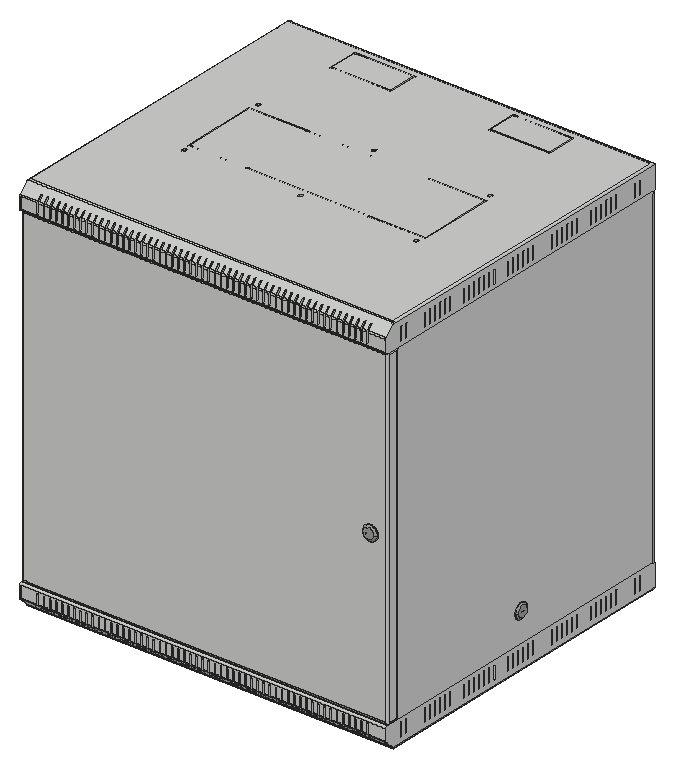
Revit family "600х550", category Обобщенные модели, Revit 2019 (continued)
Definition of nested family "Крышка 550"
  Automatic sketch dimensions
    plane 6 to Extrusion 66 sketch curve = 33.804 mm
    plane 6 to Extrusion 66 sketch curve = 11.804 mm
    level to Extrusion 66 sketch curve = 61.993 mm
    Extrusion 66 sketch curve to Extrusion 66 sketch curve = 1.747 mm
    plane 6 to Extrusion 67 sketch curve = 33.804 mm
    plane 6 to Extrusion 67 sketch curve = 11.804 mm
    level to Extrusion 67 sketch curve = 71.993 mm
    Extrusion 67 sketch curve to Extrusion 67 sketch curve = 1.747 mm
    plane 6 to Extrusion 68 sketch curve = 10.404 mm
    plane 5 to Extrusion 68 sketch curve = 38.5 mm
    Extrusion 68 sketch curve to Extrusion 68 sketch curve = 1.5 mm
    Extrusion 68 sketch curve to Extrusion 68 sketch curve = 23.4 mm
    plane 6 to Extrusion 69 sketch curve = 10.404 mm
    plane 5 to Extrusion 69 sketch curve = 48.5 mm
    Extrusion 69 sketch curve to Extrusion 69 sketch curve = 1.5 mm
    Extrusion 69 sketch curve to Extrusion 69 sketch curve = 23.4 mm
    plane 6 to Extrusion 70 sketch curve = 10.404 mm
    plane 5 to Extrusion 70 sketch curve = 58.5 mm
    Extrusion 70 sketch curve to Extrusion 70 sketch curve = 1.5 mm
    Extrusion 70 sketch curve to Extrusion 70 sketch curve = 23.4 mm
    plane 6 to Extrusion 71 sketch curve = 10.404 mm
    plane 5 to Extrusion 71 sketch curve = 68.5 mm
    Extrusion 71 sketch curve to Extrusion 71 sketch curve = 1.5 mm
    Extrusion 71 sketch curve to Extrusion 71 sketch curve = 23.4 mm
    plane 6 to Extrusion 72 sketch curve = 10.404 mm
    plane 5 to Extrusion 72 sketch curve = 78.5 mm
    Extrusion 72 sketch curve to Extrusion 72 sketch curve = 1.5 mm
    Extrusion 72 sketch curve to Extrusion 72 sketch curve = 23.4 mm
    plane 6 to Extrusion 73 sketch curve = 10.404 mm
    plane 5 to Extrusion 73 sketch curve = 88.5 mm
    Extrusion 73 sketch curve to Extrusion 73 sketch curve = 1.5 mm
    Extrusion 73 sketch curve to Extrusion 73 sketch curve = 23.4 mm
    plane 6 to Extrusion 74 sketch curve = 10.404 mm
    plane 5 to Extrusion 74 sketch curve = 98.5 mm
    Extrusion 74 sketch curve to Extrusion 74 sketch curve = 1.5 mm
    Extrusion 74 sketch curve to Extrusion 74 sketch curve = 23.4 mm
    plane 6 to Extrusion 75 sketch curve = 10.404 mm
    plane 5 to Extrusion 75 sketch curve = 108.5 mm
    Extrusion 75 sketch curve to Extrusion 75 sketch curve = 1.5 mm
    Extrusion 75 sketch curve to Extrusion 75 sketch curve = 23.4 mm
    plane 6 to Extrusion 76 sketch curve = 10.404 mm
    plane 5 to Extrusion 76 sketch curve = 118.5 mm
    Extrusion 76 sketch curve to Extrusion 76 sketch curve = 1.5 mm
    Extrusion 76 sketch curve to Extrusion 76 sketch curve = 23.4 mm
    plane 6 to Extrusion 77 sketch curve = 10.404 mm
    plane 5 to Extrusion 77 sketch curve = 128.5 mm
    Extrusion 77 sketch curve to Extrusion 77 sketch curve = 1.5 mm
    Extrusion 77 sketch curve to Extrusion 77 sketch curve = 23.4 mm
    plane 6 to Extrusion 78 sketch curve = 10.404 mm
    plane 5 to Extrusion 78 sketch curve = 138.5 mm
    Extrusion 78 sketch curve to Extrusion 78 sketch curve = 1.5 mm
    Extrusion 78 sketch curve to Extrusion 78 sketch curve = 23.4 mm
    plane 6 to Extrusion 79 sketch curve = 10.404 mm
    plane 5 to Extrusion 79 sketch curve = 148.5 mm
    Extrusion 79 sketch curve to Extrusion 79 sketch curve = 1.5 mm
    Extrusion 79 sketch curve to Extrusion 79 sketch curve = 23.4 mm
    plane 6 to Extrusion 80 sketch curve = 10.404 mm
    Extrusion 80 sketch curve to plane 3 "По центру (Влево/Вправо)" = 141.5 mm
    Extrusion 80 sketch curve to Extrusion 80 sketch curve = 1.5 mm
    Extrusion 80 sketch curve to Extrusion 80 sketch curve = 23.4 mm
    plane 6 to Extrusion 81 sketch curve = 10.404 mm
    Extrusion 81 sketch curve to plane 3 "По центру (Влево/Вправо)" = 131.5 mm
    Extrusion 81 sketch curve to Extrusion 81 sketch curve = 1.5 mm
    Extrusion 81 sketch curve to Extrusion 81 sketch curve = 23.4 mm
    plane 6 to Extrusion 82 sketch curve = 10.404 mm
    Extrusion 82 sketch curve to plane 3 "По центру (Влево/Вправо)" = 121.5 mm
    Extrusion 82 sketch curve to Extrusion 82 sketch curve = 1.5 mm
    Extrusion 82 sketch curve to Extrusion 82 sketch curve = 23.4 mm
    plane 6 to Extrusion 83 sketch curve = 10.404 mm
    Extrusion 83 sketch curve to plane 3 "По центру (Влево/Вправо)" = 111.5 mm
    Extrusion 83 sketch curve to Extrusion 83 sketch curve = 1.5 mm
    Extrusion 83 sketch curve to Extrusion 83 sketch curve = 23.4 mm
    plane 6 to Extrusion 84 sketch curve = 10.404 mm
    Extrusion 84 sketch curve to plane 3 "По центру (Влево/Вправо)" = 101.5 mm
    Extrusion 84 sketch curve to Extrusion 84 sketch curve = 1.5 mm
    Extrusion 84 sketch curve to Extrusion 84 sketch curve = 23.4 mm
    plane 6 to Extrusion 85 sketch curve = 10.404 mm
    Extrusion 85 sketch curve to plane 3 "По центру (Влево/Вправо)" = 91.5 mm
    Extrusion 85 sketch curve to Extrusion 85 sketch curve = 1.5 mm
    Extrusion 85 sketch curve to Extrusion 85 sketch curve = 23.4 mm
    plane 6 to Extrusion 86 sketch curve = 10.404 mm
    Extrusion 86 sketch curve to plane 3 "По центру (Влево/Вправо)" = 81.5 mm
    Extrusion 86 sketch curve to Extrusion 86 sketch curve = 1.5 mm
    Extrusion 86 sketch curve to Extrusion 86 sketch curve = 23.4 mm
    plane 6 to Extrusion 87 sketch curve = 10.404 mm
    Extrusion 87 sketch curve to plane 3 "По центру (Влево/Вправо)" = 71.5 mm
    Extrusion 87 sketch curve to Extrusion 87 sketch curve = 1.5 mm
    Extrusion 87 sketch curve to Extrusion 87 sketch curve = 23.4 mm
    plane 6 to Extrusion 88 sketch curve = 10.404 mm
    Extrusion 88 sketch curve to plane 3 "По центру (Влево/Вправо)" = 61.5 mm
    Extrusion 88 sketch curve to Extrusion 88 sketch curve = 1.5 mm
    Extrusion 88 sketch curve to Extrusion 88 sketch curve = 23.4 mm
    plane 6 to Extrusion 89 sketch curve = 10.404 mm
    Extrusion 89 sketch curve to plane 3 "По центру (Влево/Вправо)" = 51.5 mm
    Extrusion 89 sketch curve to Extrusion 89 sketch curve = 1.5 mm
    Extrusion 89 sketch curve to Extrusion 89 sketch curve = 23.4 mm
    plane 6 to Extrusion 90 sketch curve = 10.404 mm
    Extrusion 90 sketch curve to plane 3 "По центру (Влево/Вправо)" = 41.5 mm
    Extrusion 90 sketch curve to Extrusion 90 sketch curve = 1.5 mm
    Extrusion 90 sketch curve to Extrusion 90 sketch curve = 23.4 mm
    plane 6 to Extrusion 91 sketch curve = 10.404 mm
    Extrusion 91 sketch curve to plane 3 "По центру (Влево/Вправо)" = 31.5 mm
    Extrusion 91 sketch curve to Extrusion 91 sketch curve = 1.5 mm
    Extrusion 91 sketch curve to Extrusion 91 sketch curve = 23.4 mm
    Extrusion 92 sketch curve to plane 3 "По центру (Влево/Вправо)" = 21.5 mm
    Extrusion 92 sketch curve to Extrusion 92 sketch curve = 1.5 mm
    plane 6 to Extrusion 92 sketch curve = 33.804 mm
    plane 6 to Extrusion 92 sketch curve = 10.404 mm
    Extrusion 93 sketch curve to plane 3 "По центру (Влево/Вправо)" = 11.5 mm
    Extrusion 93 sketch curve to Extrusion 93 sketch curve = 1.5 mm
    plane 6 to Extrusion 93 sketch curve = 33.804 mm
    plane 6 to Extrusion 93 sketch curve = 10.404 mm
    Extrusion 94 sketch curve to plane 3 "По центру (Влево/Вправо)" = 0 mm
    Extrusion 94 sketch curve to Extrusion 94 sketch curve = 1.5 mm
    plane 6 to Extrusion 94 sketch curve = 33.804 mm
    plane 6 to Extrusion 94 sketch curve = 10.404 mm
    plane 3 "По центру (Влево/Вправо)" to Extrusion 95 sketch curve = 8.5 mm
    Extrusion 95 sketch curve to Extrusion 95 sketch curve = 1.5 mm
    plane 6 to Extrusion 95 sketch curve = 33.804 mm
    plane 6 to Extrusion 95 sketch curve = 10.404 mm
    plane 3 "По центру (Влево/Вправо)" to Extrusion 96 sketch curve = 18.5 mm
    Extrusion 96 sketch curve to Extrusion 96 sketch curve = 1.5 mm
    plane 6 to Extrusion 96 sketch curve = 33.804 mm
    plane 6 to Extrusion 96 sketch curve = 10.404 mm
    plane 3 "По центру (Влево/Вправо)" to Extrusion 97 sketch curve = 28.5 mm
    Extrusion 97 sketch curve to Extrusion 97 sketch curve = 1.5 mm
    plane 6 to Extrusion 97 sketch curve = 33.804 mm
    plane 6 to Extrusion 97 sketch curve = 10.404 mm
    plane 6 to Extrusion 98 sketch curve = 10.404 mm
    plane 3 "По центру (Влево/Вправо)" to Extrusion 98 sketch curve = 38.5 mm
    Extrusion 98 sketch curve to Extrusion 98 sketch curve = 1.5 mm
    Extrusion 98 sketch curve to Extrusion 98 sketch curve = 23.4 mm
    plane 6 to Extrusion 99 sketch curve = 10.404 mm
    plane 3 "По центру (Влево/Вправо)" to Extrusion 99 sketch curve = 48.5 mm
    Extrusion 99 sketch curve to Extrusion 99 sketch curve = 1.5 mm
    Extrusion 99 sketch curve to Extrusion 99 sketch curve = 23.4 mm
    plane 6 to Extrusion 100 sketch curve = 10.404 mm
    plane 3 "По центру (Влево/Вправо)" to Extrusion 100 sketch curve = 58.5 mm
    Extrusion 100 sketch curve to Extrusion 100 sketch curve = 1.5 mm
    Extrusion 100 sketch curve to Extrusion 100 sketch curve = 23.4 mm
    plane 6 to Extrusion 101 sketch curve = 10.404 mm
    plane 3 "По центру (Влево/Вправо)" to Extrusion 101 sketch curve = 68.5 mm
    Extrusion 101 sketch curve to Extrusion 101 sketch curve = 1.5 mm
    Extrusion 101 sketch curve to Extrusion 101 sketch curve = 23.4 mm
    plane 6 to Extrusion 102 sketch curve = 10.404 mm
    plane 3 "По центру (Влево/Вправо)" to Extrusion 102 sketch curve = 78.5 mm
    Extrusion 102 sketch curve to Extrusion 102 sketch curve = 1.5 mm
    Extrusion 102 sketch curve to Extrusion 102 sketch curve = 23.4 mm
    plane 6 to Extrusion 103 sketch curve = 10.404 mm
    plane 3 "По центру (Влево/Вправо)" to Extrusion 103 sketch curve = 88.5 mm
    Extrusion 103 sketch curve to Extrusion 103 sketch curve = 1.5 mm
    Extrusion 103 sketch curve to Extrusion 103 sketch curve = 23.4 mm
    plane 6 to Extrusion 104 sketch curve = 10.404 mm
    plane 3 "По центру (Влево/Вправо)" to Extrusion 104 sketch curve = 98.5 mm
    Extrusion 104 sketch curve to Extrusion 104 sketch curve = 1.5 mm
    Extrusion 104 sketch curve to Extrusion 104 sketch curve = 23.4 mm
    plane 6 to Extrusion 105 sketch curve = 10.404 mm
    plane 3 "По центру (Влево/Вправо)" to Extrusion 105 sketch curve = 108.5 mm
    Extrusion 105 sketch curve to Extrusion 105 sketch curve = 1.5 mm
    Extrusion 105 sketch curve to Extrusion 105 sketch curve = 23.4 mm
    plane 6 to Extrusion 106 sketch curve = 10.404 mm
    plane 3 "По центру (Влево/Вправо)" to Extrusion 106 sketch curve = 118.5 mm
    Extrusion 106 sketch curve to Extrusion 106 sketch curve = 1.5 mm
    Extrusion 106 sketch curve to Extrusion 106 sketch curve = 23.4 mm
    plane 6 to Extrusion 107 sketch curve = 10.404 mm
    plane 3 "По центру (Влево/Вправо)" to Extrusion 107 sketch curve = 128.5 mm
    Extrusion 107 sketch curve to Extrusion 107 sketch curve = 1.5 mm
    Extrusion 107 sketch curve to Extrusion 107 sketch curve = 23.4 mm
    plane 6 to Extrusion 108 sketch curve = 10.404 mm
    plane 3 "По центру (Влево/Вправо)" to Extrusion 108 sketch curve = 138.5 mm
    Extrusion 108 sketch curve to Extrusion 108 sketch curve = 1.5 mm
    Extrusion 108 sketch curve to Extrusion 108 sketch curve = 23.4 mm
    plane 6 to Extrusion 109 sketch curve = 10.404 mm
    plane 3 "По центру (Влево/Вправо)" to Extrusion 109 sketch curve = 148.5 mm
    Extrusion 109 sketch curve to Extrusion 109 sketch curve = 1.5 mm
    Extrusion 109 sketch curve to Extrusion 109 sketch curve = 23.4 mm
    plane 6 to Extrusion 110 sketch curve = 10.404 mm
    Extrusion 110 sketch curve to plane 4 = 141.5 mm
    Extrusion 110 sketch curve to Extrusion 110 sketch curve = 1.5 mm
    Extrusion 110 sketch curve to Extrusion 110 sketch curve = 23.4 mm
    plane 6 to Extrusion 111 sketch curve = 10.404 mm
    Extrusion 111 sketch curve to plane 4 = 131.5 mm
    Extrusion 111 sketch curve to Extrusion 111 sketch curve = 1.5 mm
    Extrusion 111 sketch curve to Extrusion 111 sketch curve = 23.4 mm
    plane 6 to Extrusion 112 sketch curve = 10.404 mm
    Extrusion 112 sketch curve to plane 4 = 121.5 mm
    Extrusion 112 sketch curve to Extrusion 112 sketch curve = 1.5 mm
    Extrusion 112 sketch curve to Extrusion 112 sketch curve = 23.4 mm
    plane 6 to Extrusion 113 sketch curve = 10.404 mm
    Extrusion 113 sketch curve to plane 4 = 111.5 mm
    Extrusion 113 sketch curve to Extrusion 113 sketch curve = 1.5 mm
    Extrusion 113 sketch curve to Extrusion 113 sketch curve = 23.4 mm
    plane 6 to Extrusion 114 sketch curve = 10.404 mm
    Extrusion 114 sketch curve to plane 4 = 101.5 mm
    Extrusion 114 sketch curve to Extrusion 114 sketch curve = 1.5 mm
    Extrusion 114 sketch curve to Extrusion 114 sketch curve = 23.4 mm
    plane 6 to Extrusion 115 sketch curve = 10.404 mm
    Extrusion 115 sketch curve to plane 4 = 91.5 mm
    Extrusion 115 sketch curve to Extrusion 115 sketch curve = 1.5 mm
    Extrusion 115 sketch curve to Extrusion 115 sketch curve = 23.4 mm
    plane 6 to Extrusion 116 sketch curve = 10.404 mm
    Extrusion 116 sketch curve to plane 4 = 81.5 mm
    Extrusion 116 sketch curve to Extrusion 116 sketch curve = 1.5 mm
    Extrusion 116 sketch curve to Extrusion 116 sketch curve = 23.4 mm
    plane 6 to Extrusion 117 sketch curve = 10.404 mm
    Extrusion 117 sketch curve to plane 4 = 71.5 mm
    Extrusion 117 sketch curve to Extrusion 117 sketch curve = 1.5 mm
    Extrusion 117 sketch curve to Extrusion 117 sketch curve = 23.4 mm
    plane 6 to Extrusion 118 sketch curve = 10.404 mm
    Extrusion 118 sketch curve to plane 4 = 61.5 mm
    Extrusion 118 sketch curve to Extrusion 118 sketch curve = 1.5 mm
    Extrusion 118 sketch curve to Extrusion 118 sketch curve = 23.4 mm
    plane 6 to Extrusion 119 sketch curve = 10.404 mm
    Extrusion 119 sketch curve to plane 4 = 51.5 mm
    Extrusion 119 sketch curve to Extrusion 119 sketch curve = 1.5 mm
    Extrusion 119 sketch curve to Extrusion 119 sketch curve = 23.4 mm
    plane 6 to Extrusion 120 sketch curve = 10.404 mm
    Extrusion 120 sketch curve to plane 4 = 41.5 mm
    Extrusion 120 sketch curve to Extrusion 120 sketch curve = 1.5 mm
    Extrusion 120 sketch curve to Extrusion 120 sketch curve = 23.4 mm
    plane 6 to Extrusion 121 sketch curve = 10.404 mm
    Extrusion 121 sketch curve to plane 4 = 31.5 mm
    Extrusion 121 sketch curve to Extrusion 121 sketch curve = 1.5 mm
    Extrusion 121 sketch curve to Extrusion 121 sketch curve = 23.4 mm
    plane 6 to Extrusion 122 sketch curve = 33.804 mm
    plane 6 to Extrusion 122 sketch curve = 11.804 mm
    plane 8 to Extrusion 122 sketch curve = 178.007 mm
    Extrusion 122 sketch curve to Extrusion 122 sketch curve = 1.747 mm
    plane 6 to Extrusion 123 sketch curve = 33.804 mm
    plane 6 to Extrusion 123 sketch curve = 11.804 mm
    plane 8 to Extrusion 123 sketch curve = 198.007 mm
    Extrusion 123 sketch curve to Extrusion 123 sketch curve = 1.747 mm
    plane 6 to Extrusion 124 sketch curve = 33.804 mm
    plane 6 to Extrusion 124 sketch curve = 11.804 mm
    plane 8 to Extrusion 124 sketch curve = 188.007 mm
    Extrusion 124 sketch curve to Extrusion 124 sketch curve = 1.747 mm
    plane 6 to Extrusion 125 sketch curve = 33.804 mm
    plane 6 to Extrusion 125 sketch curve = 11.804 mm
    plane 8 to Extrusion 125 sketch curve = 208.007 mm
    Extrusion 125 sketch curve to Extrusion 125 sketch curve = 1.747 mm
    plane 6 to Extrusion 126 sketch curve = 33.804 mm
    plane 6 to Extrusion 126 sketch curve = 11.804 mm
    level to Extrusion 126 sketch curve = 221.993 mm
    Extrusion 126 sketch curve to Extrusion 126 sketch curve = 1.747 mm
    plane 6 to Extrusion 127 sketch curve = 33.804 mm
    plane 6 to Extrusion 127 sketch curve = 11.804 mm
    plane 8 to Extrusion 127 sketch curve = 218.007 mm
    Extrusion 127 sketch curve to Extrusion 127 sketch curve = 1.747 mm
    plane 6 to Extrusion 128 sketch curve = 33.804 mm
    plane 6 to Extrusion 128 sketch curve = 11.804 mm
    level to Extrusion 128 sketch curve = 211.993 mm
    Extrusion 128 sketch curve to Extrusion 128 sketch curve = 1.747 mm
    plane 6 to Extrusion 129 sketch curve = 33.804 mm
    plane 6 to Extrusion 129 sketch curve = 11.804 mm
    level to Extrusion 129 sketch curve = 191.993 mm
    Extrusion 129 sketch curve to Extrusion 129 sketch curve = 1.747 mm
    plane 6 to Extrusion 130 sketch curve = 33.804 mm
    plane 6 to Extrusion 130 sketch curve = 11.804 mm
    level to Extrusion 130 sketch curve = 201.993 mm
    Extrusion 130 sketch curve to Extrusion 130 sketch curve = 1.747 mm
    plane 6 to Extrusion 131 sketch curve = 33.804 mm
    plane 6 to Extrusion 131 sketch curve = 11.804 mm
    level to Extrusion 131 sketch curve = 181.993 mm
    Extrusion 131 sketch curve to Extrusion 131 sketch curve = 1.747 mm
    plane 6 to Extrusion 132 sketch curve = 33.804 mm
    plane 6 to Extrusion 132 sketch curve = 11.804 mm
    plane 8 to Extrusion 132 sketch curve = 221.5 mm
    Extrusion 132 sketch curve to Extrusion 132 sketch curve = 1.747 mm
    plane 6 to Extrusion 133 sketch curve = 33.804 mm
    plane 6 to Extrusion 133 sketch curve = 11.804 mm
    plane 8 to Extrusion 133 sketch curve = 211.5 mm
    Extrusion 133 sketch curve to Extrusion 133 sketch curve = 1.747 mm
    plane 6 to Extrusion 134 sketch curve = 33.804 mm
    plane 6 to Extrusion 134 sketch curve = 11.804 mm
    plane 8 to Extrusion 134 sketch curve = 201.5 mm
    Extrusion 134 sketch curve to Extrusion 134 sketch curve = 1.747 mm
    plane 6 to Extrusion 135 sketch curve = 33.804 mm
    plane 6 to Extrusion 135 sketch curve = 11.804 mm
    plane 8 to Extrusion 135 sketch curve = 191.5 mm
    Extrusion 135 sketch curve to Extrusion 135 sketch curve = 1.747 mm
    plane 6 to Extrusion 136 sketch curve = 33.804 mm
    plane 6 to Extrusion 136 sketch curve = 11.804 mm
    plane 8 to Extrusion 136 sketch curve = 181.5 mm
    Extrusion 136 sketch curve to Extrusion 136 sketch curve = 1.747 mm
    plane 6 to Extrusion 137 sketch curve = 33.804 mm
    plane 6 to Extrusion 137 sketch curve = 11.804 mm
    plane 8 to Extrusion 137 sketch curve = 268.007 mm
    Extrusion 137 sketch curve to Extrusion 137 sketch curve = 1.747 mm
    plane 6 to Extrusion 138 sketch curve = 33.804 mm
    plane 6 to Extrusion 138 sketch curve = 11.804 mm
    plane 8 to Extrusion 138 sketch curve = 258.007 mm
    Extrusion 138 sketch curve to Extrusion 138 sketch curve = 1.747 mm
    plane 6 to Extrusion 139 sketch curve = 33.804 mm
    plane 6 to Extrusion 139 sketch curve = 11.804 mm
    plane 8 to Extrusion 139 sketch curve = 248.007 mm
    Extrusion 139 sketch curve to Extrusion 139 sketch curve = 1.747 mm
    plane 6 to Extrusion 140 sketch curve = 33.804 mm
    plane 6 to Extrusion 140 sketch curve = 11.804 mm
    plane 8 to Extrusion 140 sketch curve = 238.007 mm
    Extrusion 140 sketch curve to Extrusion 140 sketch curve = 1.747 mm
    plane 6 to Extrusion 141 sketch curve = 33.804 mm
    plane 6 to Extrusion 141 sketch curve = 11.804 mm
    plane 8 to Extrusion 141 sketch curve = 228.007 mm
    Extrusion 141 sketch curve to Extrusion 141 sketch curve = 1.747 mm
    plane 6 to Extrusion 142 sketch curve = 33.804 mm
    plane 6 to Extrusion 142 sketch curve = 11.804 mm
    level to Extrusion 142 sketch curve = 271.993 mm
    Extrusion 142 sketch curve to Extrusion 142 sketch curve = 1.747 mm
    plane 6 to Extrusion 143 sketch curve = 33.804 mm
    plane 6 to Extrusion 143 sketch curve = 11.804 mm
    level to Extrusion 143 sketch curve = 251.993 mm
    Extrusion 143 sketch curve to Extrusion 143 sketch curve = 1.747 mm
    plane 6 to Extrusion 144 sketch curve = 33.804 mm
    plane 6 to Extrusion 144 sketch curve = 11.804 mm
    level to Extrusion 144 sketch curve = 261.993 mm
    Extrusion 144 sketch curve to Extrusion 144 sketch curve = 1.747 mm
    plane 6 to Extrusion 145 sketch curve = 33.804 mm
    plane 6 to Extrusion 145 sketch curve = 11.804 mm
    level to Extrusion 145 sketch curve = 241.993 mm
    Extrusion 145 sketch curve to Extrusion 145 sketch curve = 1.747 mm
    plane 6 to Extrusion 146 sketch curve = 33.804 mm
    plane 6 to Extrusion 146 sketch curve = 11.804 mm
    level to Extrusion 146 sketch curve = 231.993 mm
    Extrusion 146 sketch curve to Extrusion 146 sketch curve = 1.747 mm
    plane 6 to Extrusion 147 sketch curve = 33.804 mm
    plane 6 to Extrusion 147 sketch curve = 11.804 mm
    plane 8 to Extrusion 147 sketch curve = 271.5 mm
    Extrusion 147 sketch curve to Extrusion 147 sketch curve = 1.747 mm
    plane 6 to Extrusion 148 sketch curve = 33.804 mm
    plane 6 to Extrusion 148 sketch curve = 11.804 mm
    plane 8 to Extrusion 148 sketch curve = 261.5 mm
    Extrusion 148 sketch curve to Extrusion 148 sketch curve = 1.747 mm
    plane 6 to Extrusion 149 sketch curve = 33.804 mm
    plane 6 to Extrusion 149 sketch curve = 11.804 mm
    plane 8 to Extrusion 149 sketch curve = 251.5 mm
    Extrusion 149 sketch curve to Extrusion 149 sketch curve = 1.747 mm
    plane 6 to Extrusion 150 sketch curve = 33.804 mm
    plane 6 to Extrusion 150 sketch curve = 11.804 mm
    plane 8 to Extrusion 150 sketch curve = 241.5 mm
    Extrusion 150 sketch curve to Extrusion 150 sketch curve = 1.747 mm
    plane 6 to Extrusion 151 sketch curve = 33.804 mm
    plane 6 to Extrusion 151 sketch curve = 11.804 mm
    plane 8 to Extrusion 151 sketch curve = 231.5 mm
    Extrusion 151 sketch curve to Extrusion 151 sketch curve = 1.747 mm
    plane 6 to Extrusion 152 sketch curve = 33.804 mm
    plane 6 to Extrusion 152 sketch curve = 11.804 mm
    level to Extrusion 152 sketch curve = 228.5 mm
    Extrusion 152 sketch curve to Extrusion 152 sketch curve = 1.747 mm
    plane 6 to Extrusion 153 sketch curve = 33.804 mm
    plane 6 to Extrusion 153 sketch curve = 11.804 mm
    level to Extrusion 153 sketch curve = 238.5 mm
    Extrusion 153 sketch curve to Extrusion 153 sketch curve = 1.747 mm
    plane 6 to Extrusion 154 sketch curve = 33.804 mm
    plane 6 to Extrusion 154 sketch curve = 11.804 mm
    level to Extrusion 154 sketch curve = 248.5 mm
    Extrusion 154 sketch curve to Extrusion 154 sketch curve = 1.747 mm
    plane 6 to Extrusion 155 sketch curve = 33.804 mm
    plane 6 to Extrusion 155 sketch curve = 11.804 mm
    level to Extrusion 155 sketch curve = 258.5 mm
    Extrusion 155 sketch curve to Extrusion 155 sketch curve = 1.747 mm
    plane 6 to Extrusion 156 sketch curve = 33.804 mm
    plane 6 to Extrusion 156 sketch curve = 11.804 mm
    level to Extrusion 156 sketch curve = 268.5 mm
    Extrusion 156 sketch curve to Extrusion 156 sketch curve = 1.747 mm
    plane 6 to Extrusion 157 sketch curve = 33.804 mm
    plane 6 to Extrusion 157 sketch curve = 11.804 mm
    level to Extrusion 157 sketch curve = 188.5 mm
    Extrusion 157 sketch curve to Extrusion 157 sketch curve = 1.747 mm
    plane 6 to Extrusion 158 sketch curve = 33.804 mm
    plane 6 to Extrusion 158 sketch curve = 11.804 mm
    level to Extrusion 158 sketch curve = 198.5 mm
    Extrusion 158 sketch curve to Extrusion 158 sketch curve = 1.747 mm
    plane 6 to Extrusion 159 sketch curve = 33.804 mm
    plane 6 to Extrusion 159 sketch curve = 11.804 mm
    level to Extrusion 159 sketch curve = 208.5 mm
    Extrusion 159 sketch curve to Extrusion 159 sketch curve = 1.747 mm
    plane 6 to Extrusion 160 sketch curve = 33.804 mm
    plane 6 to Extrusion 160 sketch curve = 11.804 mm
    level to Extrusion 160 sketch curve = 218.5 mm
    Extrusion 160 sketch curve to Extrusion 160 sketch curve = 1.747 mm
    plane 6 to Extrusion 161 sketch curve = 33.804 mm
    plane 6 to Extrusion 161 sketch curve = 11.804 mm
    level to Extrusion 161 sketch curve = 178.5 mm
    Extrusion 161 sketch curve to Extrusion 161 sketch curve = 1.747 mm
    Extrusion 7 sketch curve to plane 3 "По центру (Влево/Вправо)" = 0 mm  (x2)
    level to Extrusion 7 sketch curve = 15 mm  (x4)
    Extrusion 7 sketch curve to plane 3 "По центру (Влево/Вправо)" = 80 mm
    Extrusion 7 sketch curve to Extrusion 7 sketch curve = 2 mm  (x17)
    Extrusion 7 sketch curve to Extrusion 7 sketch curve = 1 mm  (x10)
    Extrusion 7 sketch curve to Extrusion 7 sketch curve = 17 mm
    Extrusion 7 sketch curve to plane 3 "По центру (Влево/Вправо)" = 100 mm
    Extrusion 7 sketch curve to Extrusion 7 sketch curve = 94 mm  (x2)
    Extrusion 7 sketch curve to Extrusion 7 sketch curve = 0 mm  (x14)
    Extrusion 7 sketch curve to Extrusion 7 sketch curve = 88.7 mm  (x2)
    Extrusion 7 sketch curve to Extrusion 7 sketch curve = 9.7 mm  (x2)
    Extrusion 7 sketch curve to Extrusion 7 sketch curve = 3.3 mm  (x4)
    plane 3 "По центру (Влево/Вправо)" to Extrusion 7 sketch curve = 80 mm
    plane 3 "По центру (Влево/Вправо)" to Extrusion 7 sketch curve = 100 mm  (x2)
    Extrusion 7 sketch curve to Extrusion 7 sketch curve = 46 mm  (x2)
    Extrusion 7 sketch curve to Extrusion 7 sketch curve = 134.5 mm  (x3)
    Extrusion 7 sketch curve to Extrusion 7 sketch curve = 12.5 mm  (x4)
    Extrusion 7 sketch curve to Extrusion 7 sketch curve = 60 mm  (x4)
    radius of Extrusion 7 sketch curve = 3.3 mm  (x6)
Types (7, lengths in mm): name | Дверь | Высота_двери | ADSK_Размер_Высота | ADSK_Обозначение | ADSK_Наименование | ADSK_Масса_Текст | ADSK_Марка | ADSK_Код изделия | ADSK_URL страницы изделия
  (no name) | Дверь_М : Дверь_М | 546 | 626 | "ШТ-НСрМ 12U (600x550) металлическая дверь" | "Шкаф телекоммуникационный настенный разборный со съемными боковыми стенками 19”,12U(600x550), ШТ-НСрМ-12U-600-550-М дверь металл ССД" | "23,6" | "ШТ-НСрМ 12U (600x550) металлическая дверь" | "130411-00830" | "https://www.ssd.ru/shkaf-telekommunikatsionnyy-nastennyy-razbornyy-so-semnymi-bokovymi-stenkami-19-12u-600x550-sht-nsrm"
  ШТ-НСрМ 9U (600x550) стеклянная дверь | Дверь_С : Дверь_С | 413 | 493 | "ШТ-НСрМ 9U (600x550) стеклянная дверь" | "Шкаф телекоммуникационный настенный разборный со съемными боковыми стенками 19”,9U(600x550), ШТ-НСрМ-9U-600-550-С дверь стекло ССД" | "21,4" | "ШТ-НСрМ 9U (600x550) стеклянная дверь" | "130411-00823" | "https://www.ssd.ru/shkaf-telekommunikatsionnyy-nastennyy-razbornyy-so-semnymi-bokovymi-stenkami-19-9u-600x550-sht-nsrm--75401"
  ШТ-НСрМ 9U (600x550) металлическая дверь | Дверь_М : Дверь_М | 413 | 493 | "ШТ-НСрМ 9U (600x550) металлическая дверь" | "Шкаф телекоммуникационный настенный разборный со съемными боковыми стенками 19”,9U(600x550), ШТ-НСрМ-9U-600-550-М дверь металл ССД" | "20,8" | "ШТ-НСрМ 9U (600x550) металлическая дверь" | "130411-00828" | "https://www.ssd.ru/shkaf-telekommunikatsionnyy-nastennyy-razbornyy-so-semnymi-bokovymi-stenkami-19-9u-600x550-sht-nsrm-"
  ШТ-НСрМ 12U (600x550) стеклянная дверь | Дверь_С : Дверь_С | 546 | 626 | "ШТ-НСрМ 12U (600x550) стеклянная дверь" | "Шкаф телекоммуникационный настенный разборный со съемными боковыми стенками 19”,12U(600x550), ШТ-НСрМ-12U-600-550-С дверь стекло ССД" | "24,4" | "ШТ-НСрМ 12U (600x550) стеклянная дверь" | "130411-00829" | "https://www.ssd.ru/shkaf-telekommunikatsionnyy-nastennyy-razbornyy-so-semnymi-bokovymi-stenkami-19-12u-600x550-sht-nsrm-75403"
  ШТ-НСрМ 12U (600x550) металлическая дверь | Дверь_М : Дверь_М | 546 | 626 | "ШТ-НСрМ 12U (600x550) металлическая дверь" | "Шкаф телекоммуникационный настенный разборный со съемными боковыми стенками 19”,12U(600x550), ШТ-НСрМ-12U-600-550-М дверь металл ССД" | "23,6" | "ШТ-НСрМ 12U (600x550) металлическая дверь" | "130411-00830" | "https://www.ssd.ru/shkaf-telekommunikatsionnyy-nastennyy-razbornyy-so-semnymi-bokovymi-stenkami-19-12u-600x550-sht-nsrm"
  ШТ-НСрМ 15U (600x550) стеклянная дверь | Дверь_С : Дверь_С | 680 | 760 | "ШТ-НСрМ 15U (600x550) стеклянная дверь" | "Шкаф телекоммуникационный настенный разборный со съемными боковыми стенками 19”,15U(600x550), ШТ-НСрМ-15U-600-550-С дверь стекло ССД" | "31,0" | "ШТ-НСрМ 15U (600x550) стеклянная дверь" | "130411-00831" | "https://www.ssd.ru/shkaf-telekommunikatsionnyy-nastennyy-razbornyy-so-semnymi-bokovymi-stenkami-19-15u-600x550-sht-nsrm-75405"
  ШТ-НСрМ 15U (600x550) металлическая дверь | Дверь_М : Дверь_М | 680 | 760 | "ШТ-НСрМ 15U (600x550) металлическая дверь" | "Шкаф телекоммуникационный настенный разборный со съемными боковыми стенками 19”,15U(600x550), ШТ-НСрМ-15U-600-550-М дверь металл ССД" | "30,0" | "ШТ-НСрМ 15U (600x550) металлическая дверь" | "130411-00832" | "https://www.ssd.ru/shkaf-telekommunikatsionnyy-nastennyy-razbornyy-so-semnymi-bokovymi-stenkami-19-15u-600x550-sht-nsrm"
